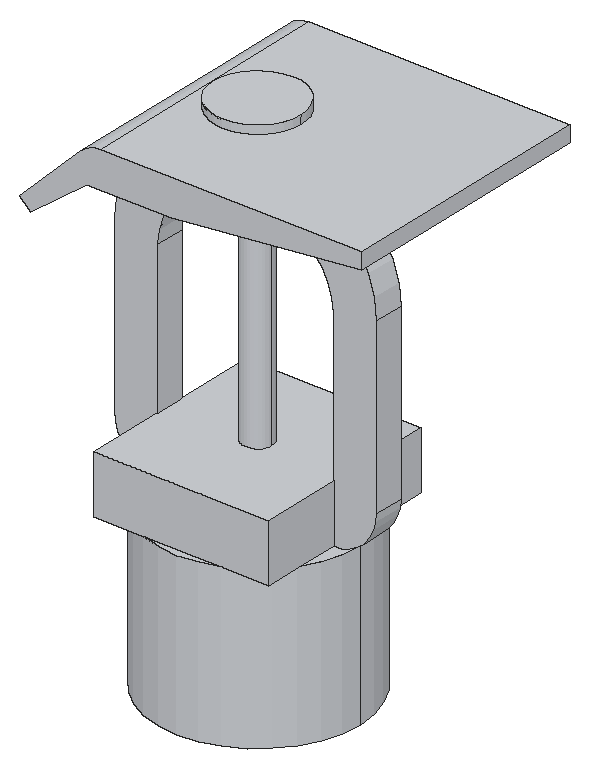
Revit family
Parameters (values of type "RASCO F156 VSW")
  URL = ""
  Temperature Rating = 155 °F
  Response = (empty or 0)
  RASCO SIN # = "RA1385"
  RASCO Part # = "F56V1B"
  Pressure Rating = "175 PSI"
  Pressure Class = (empty or 0)
  Orifice Size = 1/2"
  Orifice = (empty or 0)
  Model = "F156"
  Manufacturer = "RASCO"
  K-Factor = 5.6
  Description = "Brz. Finish"
  Coverage = (empty or 0)
Reference planes (in)
  plane 1 "Center (Front/Back)": y = 0
  plane 2: z = 0
  plane 3 "Center (Left/Right)": x = 0
Nested families (in)
  nested 1: "F56V1B" at (0, 0, 0), type "RASCO F156 VSW"
Connectors (in)
  piping at (0, 0, 0)
    settings: on nested 1, index 1, connector radius 55/128", flow factor 0, pipe flow 0 GPM, pressure drop 0.00 psi, fitting loss kfactor 0, connector angle 0.00°, fixture units 0, flow configuration 0, flow direction 0, fitting loss method 0, system type 7, connector reference index -1, connector utility 0, adjustable connector no, is connector primary yes, fitting loss table "", connector description ""
Definition of nested family "F56V1B"
  Parameters (values of type "RASCO F156 VSW")
    Type Comments = ""
    Temperature Rating = 0 °F
    Response = (empty or 0)
    Pressure Rating = "0"
    Pressure Class = (empty or 0)
    Orifice Size = 0"
    Orifice = (empty or 0)
    Model = ""
    Manufacturer = ""
    K-Factor = 0
    Description = ""
    Coverage = (empty or 0)
    Assembly Code = ""
  Reference planes (in)
    plane 1 "Center (Front/Back)": y = 0
    plane 2: z = 0
    plane 3 "ref.2": z = 0.6875
    plane 4 "ref.3": z = 0.9375
    plane 5: x = -0.38065
    plane 6: x = 0.36935
    plane 7 "ref. side 1": y = 0.06402
    plane 8 "ref. side 2": y = -0.06098
    plane 9 "ref.4": z = 1.875
    plane 10 "ref.5": z = 2.24902
    plane 11 "ref.6": z = 2.4375
    plane 12 "void": z = 2.0625
  Forms (in)
    Extrusion 1, solid
      sketch origin (0, 0, 0) x (1, 0, 0) y (0, 1, 0)
        loop
          circle (0, 0) r 0.4375
      from 0 to 0.6875
    Extrusion 2, solid
      sketch origin (-0.12185, 0.05177, 0.6875) x (1, 0, 0) y (0, 1, 0)
        loop
          line (-0.2588, 0.356) -> (-0.2588, -0.4565) -> (0.4912, -0.4565) -> (0.4912, 0.356) -> (-0.2588, 0.356)
      from 0 to 0.25
    Extrusion 3, solid
      sketch origin (0, 0, 0) x (1, 0, 0) y (0, 0, 1)
        loop
          line (-0.38065, 0.68754) -> (-0.38065, 1.58397)
          arc (-0.38065, 1.58397) -> (-0.29541, 1.78976) -> (-0.08962, 1.875) r 0.29103
          line (-0.08962, 1.875) -> (0.07524, 1.875)
          arc (0.07524, 1.875) -> (0.28321, 1.78886) -> (0.36935, 1.58089) r 0.29411
          line (0.36935, 1.58089) -> (0.36935, 0.68751)
          arc (0.36935, 0.68751) -> (0.50207, 0.74393) -> (0.55685, 0.87734) r 0.18984
          line (0.55685, 0.87734) -> (0.55685, 1.61676)
          arc (0.55685, 1.61676) -> (0.42629, 1.93194) -> (0.11111, 2.0625) r 0.44574
          line (0.11111, 2.0625) -> (-0.12259, 2.0625)
          arc (-0.12259, 2.0625) -> (-0.43765, 1.932) -> (-0.56815, 1.61694) r 0.44556
          line (-0.56815, 1.61694) -> (-0.56815, 0.87876)
          arc (-0.56815, 0.87876) -> (-0.51345, 0.74486) -> (-0.38065, 0.68754) r 0.19126
      from -0.06402 to 0.06098
    Extrusion 4, solid
      sketch origin (0, 0, 0.9375) x (-1, 0, 0) y (0, -1, 0)
        loop
          circle (0.00574, -0.00152) r 0.0625
      from 0 to 0.9375
    Extrusion 5, solid
      sketch origin (0, 0, 1.875) x (-1, 0, 0) y (0, -1, 0)
        loop
          circle (0.00574, -0.00152) r 0.1875
      from 0 to 0.37402
    Extrusion 6, solid
      sketch origin (-0.03679, 0, -0.06016) x (1, 0, 0) y (0, 0, 1)
        loop
          arc (-0.19445, 2.27627) -> (-0.23939, 2.26733) -> (-0.27749, 2.24188) r 0.11743
          line (-0.27749, 2.24188) -> (-0.54045, 1.97891) -> (-0.49488, 1.93334) -> (-0.25503, 2.12072) -> (0.10902, 2.12072) -> (0.92351, 2.20633) -> (0.92351, 2.27627) -> (-0.19445, 2.27627)
      from -0.5584 to 0.5566
  Cuts and joins
    joined: Extrusion 1, Extrusion 2, Extrusion 4
  Lines and regions (in)
    model lines
      curve 1: line (-0.00574, 0.06402, 1.875) -> (-0.00574, -0.06098, 1.875)
